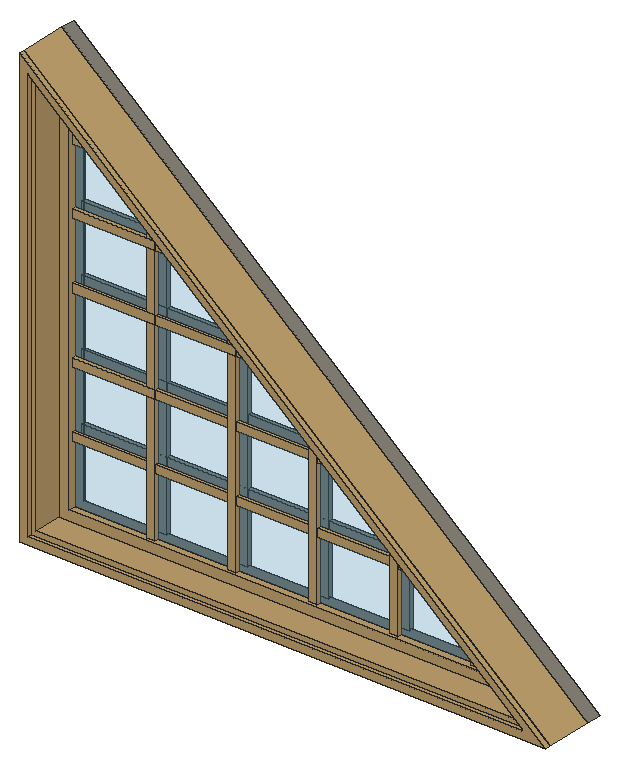
Revit family
Parameters (values of type "CDGPOLY P3-2")
  Window Type = "Clad Direct Glaze Polygon Shape P3-2"
  URL = "www.marvin.com"
  Slope per foot = 0' - 10"
  Slope Length = Width / cos(Slope Angle)  # 5' - 2.482"
  Slope Angle = atan(Slope per foot / 1' 0")  # 39.8056°
  Nominal Width = Width  # 4' - 0"
  Nominal Height = Height  # 3' - 4"
  Muntins Interior Visibility = yes
  Muntins Interior Material = Wood-Marvin-Pine
  Muntins Exterior Visibility = yes
  Muntins Exterior Material = Aluminum-Marvin-Bronze
  Model = "CDGPOLY P3-2"
  Mask Offset [instance] = if(Inset to Installation Flange = 0' 1 3/32", 0' 0 1/32", 0' 0")  # 0' - 0"
  Mask [instance] = Inset to Installation Flange > 0' 1 3/32"  # no
  Manufacturer = "Marvin Windows and Doors"
  Lites Wide = 6
  Lites High = 6
  Label Visibility = no
  Interior Material = Wood-Marvin-Pine
  Glazing Material = Glass-Marvin-IG Low E II with Argon
  Glass Type = "IG Low E II with Argon"
  Frame = "Aluminum Clad"
  Family created by = "www.rbuiltcomponents.com"
  Rough Width = Width + (0' 0 1/2" / sin(Slope Angle)) + 0' 0 1/2"  # 4' - 1.28102"
  Rough Height = Height + (0' 0 1/2" / cos(Slope Angle)) + (0' 0 1/2" * tan(Slope Angle))  # 3' - 5.06752"
  Jamb Extension Visibility = yes
  Inset to Installation Flange [instance] = 0' - 1"
  Height = Slope Length * sin(Slope Angle)  # 3' - 4"
  Design Pressure = if(or(Width > 10' 0", Height > 6' 0"), "", "DP40")  # "DP40"
  Description = "FIXED"
  Default Head Height = 8' - 0"
  Wall Closure = (empty or 0)
  Width = 4' - 0"
  Daylight Area = DLO Width * DLO Height / 2  # 4.76802 SF
  DLO Width = Width - (0' 1 31/32" + (0' 1 31/32" / tan(Slope Angle / 2)))  # 3' - 4.59346"
  DLO Height = Height - (0' 1 31/32" + (0' 1 31/32" / tan((90.00° - Slope Angle) / 2)))  # 2' - 9.82789"
  Cladding Material = Aluminum-Marvin-Bronze
  Assembly Code = ""
Reference planes (in)
  plane 1 "Center (Front/Back)": y = 0
  plane 2: z = 0
  plane 3 "Center (Left/Right)": x = -3
  plane 4 "Left": x = -27
  plane 5 "Right": x = 21
  plane 6 "Sill": z = 56
  plane 7 "Top": z = 96
  plane 8 "Inset": y = 2
  plane 9 "Glazing": y = 1.80078
  plane 10 "Jamb Ext Face": y = -2.5625
  plane 11: z = 76
  plane 12: y = -2.59375
Forms (in)
  Sweep 1, solid, material "Aluminum-Marvin-Bronze" <- "Cladding Material"
    path origin (0, 1.80078, 0) x (1, 0, 0) y (0, 0, 1)
      loop
        line (-27, 96) -> (-27, 56) -> (21, 56) -> (-27, 96)
    profile "Profile_Ext_Clad_Frame : Profile_Ext_Clad_Frame" origin (-27, 1.80078, 76) x (1, 0, 0) y (0, -1, 0)
      loop
        line (0.66161, -0.32533) -> (1.80253, -0.32533) -> (1.80253, -0.20244) -> (1.97001, -0.03495) -> (1.97001, 0) -> (0, 0) -> (0, -1.29321) -> (0.59393, -1.29321) -> (0.66161, -0.32533)
  Sweep 2, solid, material "Wood-Marvin-Pine" <- "Interior Material"
    path origin (0, 1.80078, 0) x (1, 0, 0) y (0, 0, 1)
      loop
        line (-27, 96) -> (-27, 56) -> (21, 56) -> (-27, 96)
    profile "Profile_Int_Frame : Profile_Int_Frame" origin (-27, 1.80078, 76) x (1, 0, 0) y (0, -1, 0)
      loop
        line (1.094, 4.36304) -> (0, 4.36304) -> (0, 0) -> (1.094, 0) -> (1.094, 1.0626) -> (1.97001, 1.0626) -> (1.97001, 1.7506) -> (1.094, 1.7506) -> (1.094, 4.36304)
  Extrusion 3, solid, material "Wood-Marvin-Pine" <- "Interior Material", visible <- "Jamb Extension Visibility", detail levels medium+fine
    sketch origin (0, -2.5625, 0) x (1, 0, 0) y (0, 0, 1)
      loop
        line (-27, 56) -> (21, 56) -> (-27, 96) -> (-27, 56)
      loop
        line (-26.3125, 56.6875) -> (19.10109, 56.6875) -> (-26.3125, 94.53216) -> (-26.3125, 56.6875)
    from 0.03125 to 0.4375
  Extrusion 4, solid, material "Glass-Marvin-IG Low E II with Argon" <- "Glazing Material"
    sketch origin (0, 1.80078, 0) x (1, 0, 0) y (0, 0, 1)
      loop
        line (17.46112, 57.28125) -> (-25.71875, 93.26448) -> (-25.71875, 57.28125) -> (17.46112, 57.28125)
    from 0 to 0.1875
  Extrusion 5, solid, material "Glass-Marvin-IG Low E II with Argon" <- "Glazing Material"
    sketch origin (0, 1.80078, 0) x (1, 0, 0) y (0, 0, 1)
      loop
        line (17.46112, 57.28125) -> (-25.71875, 93.26448) -> (-25.71875, 57.28125) -> (17.46112, 57.28125)
    from 0.8125 to 1
Lines and regions (in)
  Opening 1
    outline origin (-60, -3, 0) x (1, 0, 0) y (0, 0, 1)
      loop
        line (33, 96) -> (33, 56) -> (81, 56) -> (33, 96)
  Masking region 1
    outline origin (0, 0, 56) x (0, -1, 0) y (1, 0, 0)
      loop
        line (-3.094, -27) -> (2.5625, -27) -> (2.5625, 21) -> (-3.094, 21) -> (-3.094, -27)
  Masking region 2
    outline origin (-3, 0, 0) x (0, 1, 0) y (0, 0, 1)
      loop
        line (3.094, 96) -> (-2.5625, 96) -> (-2.5625, 56) -> (3.094, 56) -> (3.094, 96)
  Masking region 3, visible <- "Mask"
    outline origin (-3, 0, 0) x (0, 1, 0) y (0, 0, 1)
      loop
        line (3.094, 96) -> (3, 96) -> (3, 56) -> (3.094, 56) -> (3.094, 96)
  Masking region 4, visible <- "Jamb Extension Visibility"
    outline origin (0, 0, 56) x (0, -1, 0) y (1, 0, 0)
      loop
        line (-3, -27) -> (3, -27) -> (3, 21) -> (-3, 21) -> (-3, -27)
  Masking region 5
    outline origin (-3, 0, 0) x (0, 1, 0) y (0, 0, 1)
      loop
        line (-2.59375, 96) -> (-3, 96) -> (-3, 56) -> (-2.59375, 56) -> (-2.59375, 96)
  symbolic lines, style "Jamb Extension", visible <- "Jamb Extension Visibility", detail levels fine
    curve 1: line (-27, -3, 56) -> (-26.3125, -3, 56)
    curve 2: line (-26.3125, -3, 56) -> (-26.3125, -2.59375, 56)
    curve 3: line (21, -3, 56) -> (20.3125, -3, 56)
    curve 4: line (20.3125, -3, 56) -> (20.3125, -2.59375, 56)
    curve 5: line (-3, -3, 95.3125) -> (-3, -2.59375, 95.3125)
    curve 6: line (-3, -3, 56.6875) -> (-3, -2.59375, 56.6875)
  symbolic lines, style "WindowsFrameMullionProjection", detail levels coarse+medium
    curve 7: line (21, -2.5625, 56) -> (19.906, -2.5625, 56)
    curve 8: line (19.906, -2.5625, 56) -> (19.906, 3.094, 56)
    curve 9: line (19.906, 3.094, 56) -> (21, 3.094, 56)
    curve 10: line (19.906, 2.12611, 56) -> (19.02999, 2.12611, 56)
    curve 11: line (19.02999, 2.12611, 56) -> (19.02999, 0.05018, 56)
    curve 12: line (-25.906, 0.05018, 56) -> (-25.02999, 0.05018, 56)
    curve 13: line (-27, -2.5625, 56) -> (-25.906, -2.5625, 56)
    curve 14: line (-25.906, -2.5625, 56) -> (-25.906, 3.094, 56)
    curve 15: line (-25.906, 3.094, 56) -> (-27, 3.094, 56)
    curve 16: line (-25.02999, 2.12611, 56) -> (-25.02999, 0.05018, 56)
    curve 17: line (-3, 3.094, 96) -> (-3, 3.094, 94.906)
    curve 18: line (-3, 3.094, 94.906) -> (-3, -2.5625, 94.906)
    curve 19: line (-3, -2.5625, 94.906) -> (-3, -2.5625, 96)
    curve 20: line (-3, 2.12611, 94.906) -> (-3, 2.12611, 94.02999)
    curve 21: line (-3, 2.12611, 94.02999) -> (-3, 0.05018, 94.02999)
    curve 22: line (-3, 0.05018, 57.094) -> (-3, 0.05018, 57.97001)
    curve 23: line (-3, 3.094, 56) -> (-3, 3.094, 57.094)
    curve 24: line (-3, 3.094, 57.094) -> (-3, -2.5625, 57.094)
    curve 25: line (-3, -2.5625, 57.094) -> (-3, -2.5625, 56)
    curve 26: line (-3, 2.12611, 57.97001) -> (-3, 0.05018, 57.97001)
    curve 27: line (19.02999, 2.12611, 56) -> (-25.02999, 2.12611, 56)
    curve 28: line (19.02999, 0.05018, 56) -> (19.906, 0.05018, 56)
    curve 29: line (-25.02999, 0.05018, 56) -> (19.02999, 0.05018, 56)
    curve 30: line (-25.02999, 2.12611, 56) -> (-25.906, 2.12611, 56)
    curve 31: line (-3, 0.05018, 57.97001) -> (-3, 0.05018, 94.02999)
    curve 32: line (-3, 2.12611, 57.97001) -> (-3, 2.12611, 57.094)
    curve 33: line (-3, 0.05018, 94.02999) -> (-3, 0.05018, 94.906)
    curve 34: line (-3, 2.12611, 94.02999) -> (-3, 2.12611, 57.97001)
  symbolic lines, style "WindowsFrameMullionProjection", visible <- "Jamb Extension Visibility", detail levels coarse+medium
    curve 35: line (-26.3125, -2.59375, 56) -> (-26.3125, -3, 56)
    curve 36: line (-26.3125, -3, 56) -> (-27, -3, 56)
    curve 37: line (20.3125, -2.59375, 56) -> (20.3125, -3, 56)
    curve 38: line (20.3125, -3, 56) -> (21, -3, 56)
    curve 41: line (-3, -2.59375, 95.3125) -> (-3, -3, 95.3125)
    curve 42: line (-3, -3, 95.3125) -> (-3, -3, 96)
    curve 43: line (-3, -2.59375, 56.6875) -> (-3, -3, 56.6875)
    curve 44: line (-3, -3, 56.6875) -> (-3, -3, 56)
  symbolic lines, style "Jamb Extension", visible <- "Jamb Extension Visibility"
    curve 39: line (-3, -3, 56.6875) -> (-3, -3, 56)
    curve 40: line (-3, -3, 95.3125) -> (-3, -3, 96)
  symbolic lines, style "WindowsGlassProjection", detail levels coarse+medium
    curve 45: line (-3, 1.06756, 57.97001) -> (-3, 1.06756, 94.02999)
    curve 46: line (19.02999, 1.06956, 56) -> (-25.02999, 1.06956, 56)
  reference lines
    curve 47: line (-27, 0, 96) -> (21, 0, 56)
Text (in)
  text "EXTERIOR" at (-58.6888, 50.90694, 0), in view "Ref. Level"
  text "INTERIOR" at (-58.6888, -37.76638, 0), in view "Ref. Level"
  text "Exterior" at (0, 43.65631, 123.19604), in view "Left"
  text "Exterior" at (0, 18.29385, 125.04747), in view "Right"
Dimensions and locks (in)
  equal spacing: plane 4 "Left", plane 3 "Center (Left/Right)", plane 5 "Right"
  "Width": plane 4 "Left" to plane 5 "Right"
  "Height": plane 6 "Sill" to plane 7 "Top"
  "Inset to Installation Flange": host wall to plane 8 "Inset"
  locked: plane 9 "Glazing" to plane 8 "Inset" at 0.19922
  locked: plane 10 "Jamb Ext Face" to plane 8 "Inset" at 4.5625
  locked: plane 4 "Left" to Extrusion 4 sketch curve at 1.28125
  equal spacing: curve 28, plane 8 "Inset", curve 10
  equal spacing: plane 6 "Sill", plane 11, plane 7 "Top"
  "Default Head Height": plane 2 to plane 7 "Top"
  locked: Extrusion 3 sketch curve to Extrusion 3 sketch curve at 0.6875  (x2)
  locked: nested 3 to host wall at 12.00106
  locked: plane 4 "Left" to Extrusion 5 sketch curve at 1.28125
  locked: plane 9 "Glazing" to Extrusion 4 at 0.1875
  locked: plane 9 "Glazing" to Extrusion 5 at 0.8125
  locked: plane 9 "Glazing" to Extrusion 5 at 1
  locked: Extrusion 5 to Extrusion 5 at 0.1875
  "Slope Length": curve 47 to curve 47
  locked: curve 41 to plane 7 "Top" at 0.6875
  locked: plane 12 to plane 10 "Jamb Ext Face" at 0.03125
  "Mask Offset": Masking region 3 sketch curve to host wall
  locked: curve 47 to Extrusion 4 sketch curve at 1.28125
  locked: curve 47 to Extrusion 5 sketch curve at 1.28125
  locked: nested 5 to plane 9 "Glazing" at 1.0625
  "Slope Angle": angle plane 7 "Top" to curve 47
  aligned and locked: plane 4 "Left" to Opening 1 sketch curve
  aligned and locked: nested 1 to plane 3 "Center (Left/Right)"
  aligned and locked: plane 8 "Inset" to nested 1
  aligned and locked: host wall to curve 1
  aligned and locked: curve 3 to host wall
  aligned and locked: Sweep 1 sketch curve to plane 4 "Left"
  aligned and locked: Sweep 2 sketch curve to plane 4 "Left"
  aligned and locked: plane 8 "Inset" to nested 2
  aligned and locked: plane 5 "Right" to Masking region 1 sketch curve
  aligned and locked: Masking region 1 sketch curve to plane 4 "Left"
  aligned and locked: plane 7 "Top" to Masking region 2 sketch curve
  aligned and locked: Masking region 2 sketch curve to plane 6 "Sill"
  aligned and locked: host wall to Extrusion 3
  aligned and locked: plane 3 "Center (Left/Right)" to nested 3
  aligned and locked: plane 7 "Top" to Masking region 3 sketch curve
  aligned and locked: Masking region 3 sketch curve to plane 6 "Sill"
  aligned and locked: Extrusion 3 sketch curve to plane 4 "Left"
  aligned and locked: curve 2 to Extrusion 3
  aligned and locked: plane 10 "Jamb Ext Face" to curve 13
  aligned and locked: curve 7 to plane 10 "Jamb Ext Face"
  aligned and locked: plane 4 "Left" to curve 36
  aligned and locked: curve 35 to Extrusion 3
  aligned and locked: curve 36 to host wall
  aligned and locked: plane 5 "Right" to curve 38
  aligned and locked: host wall to curve 38
  aligned and locked: curve 25 to plane 10 "Jamb Ext Face"
  aligned and locked: plane 6 "Sill" to curve 39
  aligned and locked: plane 10 "Jamb Ext Face" to curve 19
  aligned and locked: plane 7 "Top" to curve 40
  aligned and locked: plane 7 "Top" to curve 42
  aligned and locked: host wall to curve 42
  aligned and locked: plane 6 "Sill" to curve 44
  aligned and locked: Extrusion 4 to plane 9 "Glazing"
  aligned and locked: curve 14 to Sweep 2
  aligned and locked: curve 24 to Sweep 2
  aligned and locked: Sweep 1 to curve 32
  aligned and locked: plane 9 "Glazing" to Extrusion 4
  aligned and locked: Sweep 1 to curve 30
  aligned and locked: curve 12 to Sweep 2
  aligned and locked: curve 16 to Sweep 2
  aligned and locked: curve 10 to Sweep 1
  aligned and locked: Sweep 2 to curve 28
  aligned and locked: curve 9 to Sweep 1
  aligned and locked: Sweep 1 to curve 15
  aligned and locked: Masking region 1 sketch curve to Sweep 1
  aligned and locked: Masking region 3 sketch curve to Sweep 1
  aligned and locked: Masking region 2 sketch curve to Sweep 1
  aligned and locked: curve 17 to Sweep 1
  aligned and locked: curve 20 to Sweep 1
  aligned and locked: Sweep 2 to curve 33
  aligned and locked: curve 23 to Sweep 1
  aligned and locked: curve 22 to Sweep 2
  aligned and locked: curve 26 to Sweep 2
  aligned and locked: plane 4 "Left" to curve 47
  aligned and locked: Sweep 1 sketch curve to curve 47
  aligned and locked: Sweep 2 sketch curve to curve 47
  aligned and locked: Extrusion 3 sketch curve to curve 47
  aligned: Extrusion 5 sketch curve to Extrusion 4
  aligned and locked: Opening 1 sketch curve to curve 47
  aligned and locked: plane 6 "Sill" to nested 2
  aligned and locked: curve 18 to nested 2
  aligned and locked: curve 21 to nested 2
  aligned and locked: Extrusion 3 to curve 35
  aligned and locked: Extrusion 3 to curve 2
  aligned and locked: Extrusion 3 to curve 37
  aligned and locked: Extrusion 3 to curve 4
  aligned and locked: Masking region 1 sketch curve to plane 10 "Jamb Ext Face"
  aligned and locked: Masking region 4 sketch curve to plane 4 "Left"
  aligned and locked: plane 5 "Right" to Masking region 4 sketch curve
  aligned and locked: Masking region 4 sketch curve to host wall  (x2)
  aligned and locked: Extrusion 3 to curve 41
  aligned and locked: Extrusion 3 to curve 5
  aligned and locked: Extrusion 3 to curve 43
  aligned and locked: Extrusion 3 to curve 6
  aligned and locked: Extrusion 3 to plane 12
  aligned and locked: Masking region 2 sketch curve to plane 10 "Jamb Ext Face"
  aligned and locked: plane 7 "Top" to Masking region 5 sketch curve
  aligned and locked: Masking region 5 sketch curve to plane 6 "Sill"
  aligned and locked: plane 12 to Masking region 5 sketch curve
  aligned and locked: Masking region 5 sketch curve to host wall
  aligned and locked: Opening 1 sketch curve to plane 6 "Sill"
  aligned and locked: plane 6 "Sill" to curve 47
  aligned and locked: plane 6 "Sill" to nested 4
  aligned: plane 4 "Left" to nested 4
  aligned: nested 5 to plane 4 "Left"
  aligned and locked: nested 5 to plane 6 "Sill"
  aligned and locked: plane 9 "Glazing" to nested 4
  aligned and locked: plane 4 "Left" to nested 4
  aligned and locked: nested 5 to plane 4 "Left"
Automatic sketch dimensions
  Extrusion 3 sketch curve to plane 4 "Left" = 0' - 0 11/16"
  curve 1 to plane 4 "Left" = 0' - 0"
  curve 3 to plane 5 "Right" = 0' - 0"
  curve 39 to host wall = 0' - 0"
  curve 25 to plane 6 "Sill" = 0' - 0"
  curve 23 to plane 6 "Sill" = 0' - 0"
  curve 17 to plane 7 "Top" = 0' - 0"
  curve 19 to plane 7 "Top" = 0' - 0"
  plane 9 "Glazing" to curve 45 = 0' - 0.73322"
  plane 5 "Right" to Sweep 1 sketch curve = 0' - 0"
  plane 5 "Right" to Extrusion 3 sketch curve = 0' - 0"
  curve 44 to curve 24 = 0' - 0.4065"
  plane 5 "Right" to curve 4 = 0' - 0 11/16"
  plane 5 "Right" to Sweep 2 sketch curve = 0' - 0"
  plane 5 "Right" to Extrusion 4 sketch curve = 0' - 3.53888"
  plane 5 "Right" to Extrusion 5 sketch curve = 0' - 3.53888"
  curve 15 to plane 4 "Left" = 0' - 0"
  curve 13 to plane 4 "Left" = 0' - 0"
  curve 9 to plane 5 "Right" = 0' - 0"
  curve 7 to plane 5 "Right" = 0' - 0"
  curve 8 to curve 4 = 0' - 0.4065"
  curve 11 to curve 28 = 0' - 0.87601"
  plane 9 "Glazing" to curve 46 = 0' - 0.73122"
Nested families (in)
  nested 1: "Polygon_Plan_Detail" at (-3, 2, 56) x (-1, 0, 0) z (0, 0, -1), type "Polygon_Plan_Detail", detail levels fine
    with Width 4' - 0"
  nested 2: "Polygon_Section_Detail" at (-3, 2, 96) x (0, -1, 0) z (1, 0, 0), type "Polygon_Section_Detail", detail levels fine
    with Height 3' - 4"
  nested 3: "Label Annotation 1-16 w6" at (-3, 15.00106, 0), visible <- "Label Visibility", type "Label Annotation 1-16 w6"
    with Nominal Height 3' - 4"
  nested 4: "Muntins" at (-28.39844, 1.80078, 22.03125), Muntin Material <- "Muntins Exterior Material", visible <- "Muntins Exterior Visibility", type "Muntins"
    with Muntin Material Aluminum-Marvin-Bronze, Width_Calc 3' - 8.09968", Slope Angle 39.8056°, Offset Vert 0' - 3.86976", Offset Horiz 0' - 5.00622", Inset Vert2 0' - 3 9/16", Inset Horiz2 0' - 3.38193", Height_Calc 3' - 0.19765", GlazingWidth 3' - 4.59346", GlazingHeight 2' - 9.82789", Width 3' - 4.90596", Height 2' - 10.14039", Inset Vert 0' - 6.97495", Inset Horiz 0' - 5.65794", Frame Width 3' - 11.72468", Frame Height 3' - 3.82265", Center_W_Calc 1' - 8.45298", Center_H_Calc 1' - 5.07019"
  nested 5: "Muntins" at (-28.39844, 0.73828, 22.03125), Muntin Material <- "Muntins Interior Material", visible <- "Muntins Interior Visibility", type "Muntins"
    with Muntin Material Wood-Marvin-Pine, Width_Calc 3' - 8.09968", Slope Angle 39.8056°, Offset Vert 0' - 3.86976", Offset Horiz 0' - 5.00622", Inset Vert2 0' - 3 9/16", Inset Horiz2 0' - 3.38193", Height_Calc 3' - 0.19765", GlazingWidth 3' - 4.59346", GlazingHeight 2' - 9.82789", Width 3' - 4.90596", Height 2' - 10.14039", Inset Vert 0' - 6.97495", Inset Horiz 0' - 5.65794", Frame Width 3' - 11.72468", Frame Height 3' - 3.82265", Center_W_Calc 1' - 8.45298", Center_H_Calc 1' - 5.07019"
Definition of nested family "Muntins"
  Parameters (values of type "Muntins")
    Width_Calc = Width + (Offset Horiz - 0' 1 13/16")  # 4' - 2.87576"
    Slope Angle = 45.00°
    Offset Vert = (0' 1 13/16" / tan((90.00° - Slope Angle) / 2))  # 0' - 4.37576"
    Offset Horiz = (0' 1 13/16" / tan(Slope Angle / 2))  # 0' - 4.37576"
    Inset Vert2 = Inset Vert - (Offset Horiz - 0' 1 31/32") - (MuntinWidth / 2)  # 0' - 5.32228"
    Inset Horiz2 = Inset Horiz - (Offset Vert - 0' 1 31/32") - (MuntinWidth / 2)  # 0' - 5.32228"
    Height_Calc = Height + (Offset Vert - 0' 1 13/16")  # 4' - 2.87576"
    GlazingWidth = 4' - 0"
    GlazingHeight = 4' - 0"
    Width = GlazingWidth + 0' 0 5/16"  # 4' - 0 5/16"
    VerticalMuntins = if(LitesHorizontal < 3, 2, LitesHorizontal - 1)  # 5
    VertMuntVisible = LitesHorizontal > 2  # yes
    MuntinWidth = 0' - 0 3/4"
    MuntinDepth = 0' - 0 5/16"
    Muntin Material [instance] = none
    LitesVertical = 6
    LitesHorizontal = 6
    HorizontalMuntins = if(LitesVertical < 3, 2, LitesVertical - 1)  # 5
    HorizMuntVisible = LitesVertical > 2  # yes
    Height = GlazingHeight + 0' 0 5/16"  # 4' - 0 5/16"
    Inset Vert = if(LitesHorizontal < 3, (Width_Calc / 3) - (MuntinWidth / 2), (Width_Calc / LitesHorizontal) - (MuntinWidth / 2))  # 0' - 8.10429"
    Inset Horiz = if(LitesVertical < 3, (Height_Calc / 3) - (MuntinWidth / 2), (Height_Calc / LitesVertical) - (MuntinWidth / 2))  # 0' - 8.10429"
    Frame Height = Height + Offset Vert + 0' 1 13/16"  # 4' - 6.50076"
    Frame Width = Width + Offset Horiz + 0' 1 13/16"  # 4' - 6.50076"
    Center_W_Calc = Width / 2  # 2' - 0 5/32"
    Center_H_Calc = Height / 2  # 2' - 0 5/32"
    CenterMuntinVertical = LitesHorizontal = 2  # no
    CenterMuntinHorizontal = LitesVertical = 2  # no
    Assembly Code = ""
  Reference planes (in)
    plane 1 "Center (Front/Back)": y = 0
    plane 2: z = 0
    plane 3 "Center (Left/Right)": x = 1.39844
    plane 4: z = 33.96875
    plane 5: x = 55.8992
    plane 6: z = 88.46951
    plane 7: z = 59.9375
    plane 8: x = 27.36719
    plane 9: x = 3.21094
    plane 10: z = 35.78125
    plane 11: x = 11.31523
    plane 12: z = 43.88554
    plane 13: z = 78.77147
    plane 14: x = 46.20116
    plane 15: x = 51.52344
    plane 16: z = 84.09375
  Forms (in)
    Extrusion 1, solid, material <- "Muntin Material", visible <- "CenterMuntinVertical"
      sketch origin (34.39844, 0, 0) x (1, 0, 0) y (0, 0, 1)
        loop
          line (-7.40625, 84.09375) -> (-7.40625, 35.78125) -> (-6.65625, 35.78125) -> (-6.65625, 84.09375) -> (-7.40625, 84.09375)
      from 0 to 0.3125 <- "MuntinDepth"
    Extrusion 2, solid, material <- "Muntin Material", visible <- "CenterMuntinHorizontal"
      sketch origin (25.39714, 0, 14.6875) x (1, 0, 0) y (0, 0, 1)
        loop
          line (-22.17988, 45.625) -> (-22.17988, 44.875) -> (26.13262, 44.875) -> (26.13262, 45.625) -> (-22.17988, 45.625)
      from 0 to 0.3125 <- "MuntinDepth"
    Extrusion 3, void
      sketch origin (25.39844, 0, 0) x (1, 0, 0) y (0, 0, 1)
        loop
          line (30.50076, 88.46951) -> (-26.34229, 88.46951) -> (30.50076, 31.62646) -> (30.50076, 88.46951)
      from 0 to 12
    Extrusion 4, solid, material <- "Muntin Material", visible <- "HorizMuntVisible"
      sketch origin (0, 0, -2.99708) x (1, 0, 0) y (0, 0, 1)
        loop
          line (3.21094, 46.88262) -> (51.52344, 46.88262) -> (51.52344, 47.63262) -> (3.21094, 47.63262) -> (3.21094, 46.88262)
      from 0 to 0.3125 <- "MuntinDepth"
    Extrusion 5, solid, material <- "Muntin Material", visible <- "HorizMuntVisible"
      sketch origin (0, 0, 31.13885) x (1, 0, 0) y (0, 0, 1)
        loop
          line (3.21094, 46.88262) -> (51.52344, 46.88262) -> (51.52344, 47.63262) -> (3.21094, 47.63262) -> (3.21094, 46.88262)
      from 0 to 0.3125 <- "MuntinDepth"
    Extrusion 6, solid, material <- "Muntin Material", visible <- "HorizMuntVisible"
      sketch origin (0, 0, 5.5369) x (1, 0, 0) y (0, 0, 1)
        loop
          line (3.21094, 46.88262) -> (51.52344, 46.88262) -> (51.52344, 47.63262) -> (3.21094, 47.63262) -> (3.21094, 46.88262)
      from 0 to 0.3125 <- "MuntinDepth"
    Extrusion 7, solid, material <- "Muntin Material", visible <- "HorizMuntVisible"
      sketch origin (0, 0, 14.07088) x (1, 0, 0) y (0, 0, 1)
        loop
          line (3.21094, 46.88262) -> (51.52344, 46.88262) -> (51.52344, 47.63262) -> (3.21094, 47.63262) -> (3.21094, 46.88262)
      from 0 to 0.3125 <- "MuntinDepth"
    Extrusion 8, solid, material <- "Muntin Material", visible <- "HorizMuntVisible"
      sketch origin (0, 0, 22.60487) x (1, 0, 0) y (0, 0, 1)
        loop
          line (3.21094, 46.88262) -> (51.52344, 46.88262) -> (51.52344, 47.63262) -> (3.21094, 47.63262) -> (3.21094, 46.88262)
      from 0 to 0.3125 <- "MuntinDepth"
    Extrusion 9, solid, material <- "Muntin Material", visible <- "HorizMuntVisible"
      sketch origin (-2.99708, 0, 0) x (1, 0, 0) y (0, 0, 1)
        loop
          line (14.31231, 35.78125) -> (15.06231, 35.78125) -> (15.06231, 84.09375) -> (14.31231, 84.09375) -> (14.31231, 35.78125)
      from 0 to 0.3125 <- "MuntinDepth"
    Extrusion 10, solid, material <- "Muntin Material", visible <- "HorizMuntVisible"
      sketch origin (31.13885, 0, 0) x (1, 0, 0) y (0, 0, 1)
        loop
          line (14.31231, 35.78125) -> (15.06231, 35.78125) -> (15.06231, 84.09375) -> (14.31231, 84.09375) -> (14.31231, 35.78125)
      from 0 to 0.3125 <- "MuntinDepth"
    Extrusion 11, solid, material <- "Muntin Material", visible <- "HorizMuntVisible"
      sketch origin (5.5369, 0, 0) x (1, 0, 0) y (0, 0, 1)
        loop
          line (14.31231, 35.78125) -> (15.06231, 35.78125) -> (15.06231, 84.09375) -> (14.31231, 84.09375) -> (14.31231, 35.78125)
      from 0 to 0.3125 <- "MuntinDepth"
    Extrusion 12, solid, material <- "Muntin Material", visible <- "HorizMuntVisible"
      sketch origin (14.07088, 0, 0) x (1, 0, 0) y (0, 0, 1)
        loop
          line (14.31231, 35.78125) -> (15.06231, 35.78125) -> (15.06231, 84.09375) -> (14.31231, 84.09375) -> (14.31231, 35.78125)
      from 0 to 0.3125 <- "MuntinDepth"
    Extrusion 13, solid, material <- "Muntin Material", visible <- "HorizMuntVisible"
      sketch origin (22.60487, 0, 0) x (1, 0, 0) y (0, 0, 1)
        loop
          line (14.31231, 35.78125) -> (15.06231, 35.78125) -> (15.06231, 84.09375) -> (14.31231, 84.09375) -> (14.31231, 35.78125)
      from 0 to 0.3125 <- "MuntinDepth"
  Cuts and joins
    Extrusion 3 cuts Extrusion 1
    Extrusion 3 cuts Extrusion 2
    Extrusion 3 cuts Extrusion 9
    Extrusion 3 cuts Extrusion 11
    Extrusion 3 cuts Extrusion 12
    Extrusion 3 cuts Extrusion 13
    Extrusion 3 cuts Extrusion 10
    Extrusion 3 cuts Extrusion 5
    Extrusion 3 cuts Extrusion 8
    Extrusion 3 cuts Extrusion 7
    Extrusion 3 cuts Extrusion 6
    Extrusion 3 cuts Extrusion 4
  Lines and regions (in)
    reference lines
      curve 1: line (55.8992, 0, 33.96875) -> (1.39844, 0, 88.46951)
  Dimensions and locks (in)
    "MuntinWidth": Extrusion 1 sketch curve to Extrusion 1 sketch curve
    "Height": Extrusion 1 sketch curve to Extrusion 1 sketch curve
    "MuntinWidth": Extrusion 2 sketch curve to Extrusion 2 sketch curve
    "Width": Extrusion 2 sketch curve to Extrusion 2 sketch curve
    equal spacing: Extrusion 1 sketch curve, plane 8, Extrusion 1 sketch curve
    equal spacing: Extrusion 2 sketch curve, plane 7, Extrusion 2 sketch curve
    locked: plane 10 to plane 4 at 1.8125
    plane 9 to plane 3 "Center (Left/Right)" = 0' - 1 13/16"
    "Inset Vert": plane 11 to plane 9
    "Inset Horiz": plane 12 to plane 10
    "Inset Horiz2": plane 16 to plane 13
    "Inset Vert2": plane 15 to plane 14
    "Width": plane 15 to plane 9
    locked: Extrusion 3 sketch curve to curve 1 at 1.65625
    "Height": plane 16 to plane 10
    "Center_H_Calc": plane 7 to plane 10
    "Center_W_Calc": plane 8 to plane 9
    "Offset Vert": plane 6 to plane 16
    "Offset Horiz": plane 5 to plane 15
    "MuntinWidth": Extrusion 4 sketch curve to Extrusion 4 sketch curve
    "Width": Extrusion 4 sketch curve to Extrusion 4 sketch curve
    "MuntinWidth": Extrusion 5 sketch curve to Extrusion 5 sketch curve
    "Width": Extrusion 5 sketch curve to Extrusion 5 sketch curve
    equal spacing: group 2, group 4, group 5, group 6, group 3  (x3)
    "MuntinWidth": Extrusion 6 sketch curve to Extrusion 6 sketch curve
    "Width": Extrusion 6 sketch curve to Extrusion 6 sketch curve
    "MuntinWidth": Extrusion 7 sketch curve to Extrusion 7 sketch curve
    "Width": Extrusion 7 sketch curve to Extrusion 7 sketch curve
    "MuntinWidth": Extrusion 8 sketch curve to Extrusion 8 sketch curve
    "Width": Extrusion 8 sketch curve to Extrusion 8 sketch curve
    "MuntinWidth": Extrusion 9 sketch curve to Extrusion 9 sketch curve
    "Height": Extrusion 9 sketch curve to Extrusion 9 sketch curve
    "MuntinWidth": Extrusion 10 sketch curve to Extrusion 10 sketch curve
    "Height": Extrusion 10 sketch curve to Extrusion 10 sketch curve
    equal spacing: group 7, group 9, group 10, group 11, group 8  (x3)
    "MuntinWidth": Extrusion 11 sketch curve to Extrusion 11 sketch curve
    "Height": Extrusion 11 sketch curve to Extrusion 11 sketch curve
    "MuntinWidth": Extrusion 12 sketch curve to Extrusion 12 sketch curve
    "Height": Extrusion 12 sketch curve to Extrusion 12 sketch curve
    "MuntinWidth": Extrusion 13 sketch curve to Extrusion 13 sketch curve
    "Height": Extrusion 13 sketch curve to Extrusion 13 sketch curve
    aligned and locked: plane 4 to curve 1
    aligned and locked: plane 6 to curve 1
    aligned and locked: plane 3 "Center (Left/Right)" to curve 1
    aligned and locked: plane 5 to curve 1
    aligned and locked: plane 6 to Extrusion 3 sketch curve
    aligned and locked: plane 5 to Extrusion 3 sketch curve
    aligned and locked: Extrusion 4 to plane 12
    aligned and locked: plane 13 to Extrusion 5
    aligned and locked: Extrusion 5 to plane 9
    aligned and locked: Extrusion 4 to plane 9
    aligned and locked: Extrusion 9 to plane 11
    aligned and locked: plane 14 to Extrusion 10
    aligned and locked: Extrusion 10 to plane 10
    aligned and locked: Extrusion 9 to plane 10
  Automatic sketch dimensions
    Extrusion 1 sketch curve to plane 10 = 0' - 0"
    plane 9 to Extrusion 2 sketch curve = 0' - 0.00632"
    Extrusion 2 sketch curve to plane 7 = 0' - 0 3/8"
    Extrusion 1 sketch curve to plane 8 = 0' - 0 3/8"
Definition of nested family "Polygon_Plan_Detail"
  Parameters (values of type "Polygon_Plan_Detail")
    Width = 3' - 0"
    Assembly Code = ""
  Reference planes (in)
    plane 1 "Center (Front/Back)": y = 0
    plane 2: z = 0
    plane 3 "Center (Left/Right)": x = 0
    plane 4: x = -18
    plane 5: x = 18
  Lines and regions (in)
    detail lines, style "Cut Lines", in view "Ref. Level"
      curve 1: line (-16.71748, -0.23076, 0) -> (16.71748, -0.23076, 0)
      curve 2: line (16.71748, -0.41826, 0) -> (-16.71748, -0.41826, 0)
      curve 3: line (-16.71749, -1.04326, 0) -> (16.71749, -1.04326, 0)
      curve 4: line (16.71749, -1.23076, 0) -> (-16.71749, -1.23076, 0)
  Dimensions and locks (in)
    equal spacing: plane 4, plane 3 "Center (Left/Right)", plane 5
    "Width": plane 4 to plane 5
    aligned and locked: plane 1 "Center (Front/Back)" to nested 1
    aligned and locked: nested 1 to plane 4
    aligned and locked: plane 5 to nested 2
    aligned and locked: nested 2 to plane 1 "Center (Front/Back)"
    aligned and locked: curve 1 to nested 1
    aligned and locked: curve 2 to nested 2
    aligned and locked: curve 3 to nested 1
    aligned and locked: curve 4 to nested 2
  Automatic sketch dimensions
    plane 4 to curve 3 = 0' - 1.28251"
    curve 4 to curve 3 = 0' - 0"
    curve 3 to curve 1 = 0' - 0"
    curve 2 to curve 1 = 0' - 0"  (x2)
    plane 5 to curve 1 = 0' - 1.28252"
    curve 2 to curve 4 = 0' - 0"
    curve 3 to curve 4 = 0' - 0"
  Nested families (in)
    nested 1: "Jamb_Detail" at (-18, 0, 0), type "Jamb_Detail", in view "Ref. Level"
    nested 2: "Jamb_Detail" at (18, 0, 0) x (-1, 0, 0) z (0, 0, 1), type "Jamb_Detail", in view "Ref. Level"
  Definition of nested family "Jamb_Detail"
    Reference planes (in)
      plane 1 "Center (Front/Back)": y = 0
      plane 2: z = 0
      plane 3 "Center (Left/Right)": x = 0
    Lines and regions (in)
      detail lines, style "Cut Lines", in view "Ref. Level"
        curve 1: line (1.094, 4.5625, 0) -> (0, 4.5625, 0)
        curve 2: line (0, 4.5625, 0) -> (0, -1.09375, 0)
        curve 3: line (1.094, 4.5625, 0) -> (1.094, 1.95006, 0)
        curve 4: line (1.094, 1.95006, 0) -> (1.97001, 1.95006, 0)
        curve 5: line (1.97001, 1.95006, 0) -> (1.97001, 1.26206, 0)
        curve 6: line (1.97001, 1.26206, 0) -> (1.094, 1.26206, 0)
        curve 7: line (-0.15502, 0, 0) -> (-1.50502, 0, 0)
        curve 8: line (0, -0.045, 0) -> (-1.50502, -0.045, 0)
        curve 9: line (0, 0.11, 0) -> (-0.15502, 0.11, 0)
        curve 10: line (-0.15502, 0, 0) -> (-0.15502, 0.11, 0)
        curve 11: line (0.66161, -0.12586, 0) -> (0.59393, -1.09375, 0)
        curve 12: line (0.59393, -1.09375, 0) -> (0, -1.09375, 0)
        curve 13: line (1.80253, -0.12586, 0) -> (0.66161, -0.12586, 0)
        curve 14: line (1.80253, -0.00297, 0) -> (1.80253, -0.12586, 0)
        curve 15: line (1.094, 0.19946, 0) -> (1.97001, 0.19946, 0)
        curve 16: line (-1.50502, 0, 0) -> (-1.50502, -0.045, 0)
        curve 17: line (1.97001, 0.19946, 0) -> (1.97001, 0.16452, 0)
        curve 18: line (1.094, 1.26206, 0) -> (1.094, 0.19946, 0)
        curve 19: line (1.72001, 1.04326, 0) -> (1.72001, 0.41826, 0)
        curve 20: line (1.40751, 1.04326, 0) -> (1.40751, 0.41826, 0)
        curve 21: line (1.28251, 1.23076, 0) -> (1.28251, 1.04326, 0)
        curve 22: line (1.28252, 0.23076, 0) -> (1.28252, 0.41826, 0)
        curve 23: line (1.80253, -0.00297, 0) -> (1.97001, 0.16452, 0)
Definition of nested family "Polygon_Section_Detail"
  Parameters (values of type "Polygon_Section_Detail")
    Height = 3' - 0"
    Assembly Code = ""
  Reference planes (in)
    plane 1 "Center (Front/Back)": y = 0
    plane 2: z = 0
    plane 3 "Center (Left/Right)": x = 0
    plane 4: y = 36
  Lines and regions (in)
    detail lines, style "Cut Lines", in view "Ref. Level"
      curve 1: line (0.23076, 1.28252, 0) -> (0.23076, 34.71748, 0)
      curve 2: line (0.41826, 34.71748, 0) -> (0.41826, 1.28252, 0)
      curve 3: line (1.04326, 1.28251, 0) -> (1.04326, 34.71749, 0)
      curve 4: line (1.23076, 34.71749, 0) -> (1.23076, 1.28251, 0)
  Dimensions and locks (in)
    "Height": plane 4 to plane 1 "Center (Front/Back)"
    aligned and locked: nested 1 to plane 4
    aligned and locked: plane 3 "Center (Left/Right)" to nested 1
    aligned and locked: curve 2 to nested 1
    aligned and locked: curve 4 to nested 1
    aligned and locked: plane 1 "Center (Front/Back)" to nested 2
    aligned and locked: nested 2 to plane 3 "Center (Left/Right)"
    aligned and locked: curve 1 to nested 2
    aligned and locked: nested 2 to curve 2
    aligned and locked: nested 2 to curve 3
    aligned and locked: curve 4 to nested 2
  Automatic sketch dimensions
    curve 2 to plane 4 = 0' - 1.28252"
    curve 1 to curve 2 = 0' - 0"
    curve 2 to curve 4 = 0' - 0"
    curve 3 to curve 4 = 0' - 0"
    curve 1 to curve 2 = 0' - 0 3/16"
    curve 3 to curve 4 = 0' - 0 3/16"
  Nested families (in)
    nested 1: "Head_Detail" at (0, 36, 0), type "Head_Detail", in view "Ref. Level"
    nested 2: "Head_Detail" at (0, 0, 0), type "Head_Detail", in view "Ref. Level"
  Definition of nested family "Head_Detail"
    Reference planes (in)
      plane 1 "Center (Front/Back)": y = 0
      plane 2: z = 0
      plane 3 "Center (Left/Right)": x = 0
    Lines and regions (in)
      detail lines, style "Cut Lines", in view "Ref. Level"
        curve 1: line (4.5625, -1.094, 0) -> (4.5625, 0, 0)
        curve 2: line (4.5625, 0, 0) -> (-1.09375, 0, 0)
        curve 3: line (4.5625, -1.094, 0) -> (1.95006, -1.094, 0)
        curve 4: line (1.95006, -1.094, 0) -> (1.95006, -1.97001, 0)
        curve 5: line (1.95006, -1.97001, 0) -> (1.26206, -1.97001, 0)
        curve 6: line (1.26206, -1.97001, 0) -> (1.26206, -1.094, 0)
        curve 7: line (0, 0.15502, 0) -> (0, 1.50502, 0)
        curve 8: line (-0.045, 0, 0) -> (-0.045, 1.50502, 0)
        curve 9: line (0.11, 0, 0) -> (0.11, 0.15502, 0)
        curve 10: line (0, 0.15502, 0) -> (0.11, 0.15502, 0)
        curve 11: line (-0.12586, -0.66161, 0) -> (-1.09375, -0.59393, 0)
        curve 12: line (-1.09375, -0.59393, 0) -> (-1.09375, 0, 0)
        curve 13: line (-0.12586, -1.80253, 0) -> (-0.12586, -0.66161, 0)
        curve 14: line (-0.00297, -1.80253, 0) -> (-0.12586, -1.80253, 0)
        curve 15: line (0.19946, -1.094, 0) -> (0.19946, -1.97001, 0)
        curve 16: line (0, 1.50502, 0) -> (-0.045, 1.50502, 0)
        curve 17: line (0.19946, -1.97001, 0) -> (0.16452, -1.97001, 0)
        curve 18: line (1.26206, -1.094, 0) -> (0.19946, -1.094, 0)
        curve 19: line (1.04326, -1.72001, 0) -> (0.41826, -1.72001, 0)
        curve 20: line (1.04326, -1.40751, 0) -> (0.41826, -1.40751, 0)
        curve 21: line (1.23076, -1.28251, 0) -> (1.04326, -1.28251, 0)
        curve 22: line (0.23076, -1.28252, 0) -> (0.41826, -1.28252, 0)
        curve 23: line (-0.00297, -1.80253, 0) -> (0.16452, -1.97001, 0)
Definition of nested family "Label Annotation 1-16 w6"
  Parameters
    Nominal Width = 4' - 0"
    Nominal Height = 6' - 0"
    Label = ""
    Egress Info = "EGRESS WDW"
    Description = "DBHG MGNM"
  Reference planes (in)
    plane 1: y = 0
    plane 2: x = 0
  Text (in)
    label "Nominal Width X  Nominal Height Description" at (0.00375, -0.00345, 0), shows "Nominal Width", "Nominal Height", "Description"
